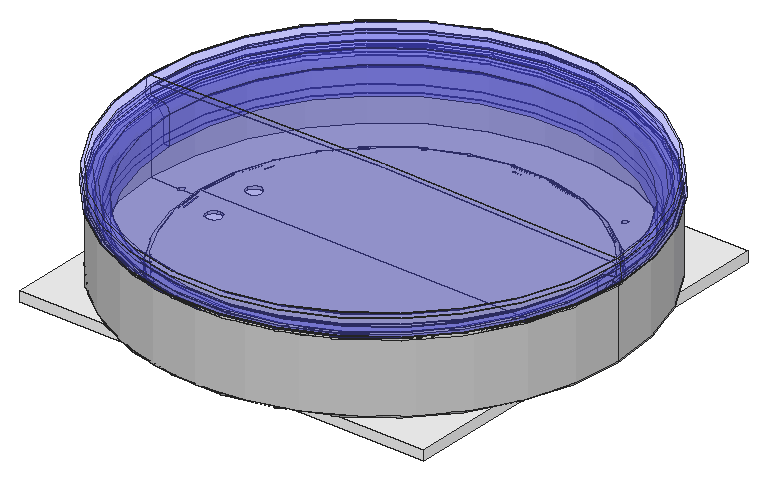
Revit family "BE_33640_de_DE", category Leuchten, Revit 2015
Parameters (values of type "BEGA_33640_Silber_K4")
  built-in parameter 1150104 = 11.112 (stored number, unit not read)
  Wattage = 52 W
  Default Elevation = 0 mm
  built-in parameter 1150113 = 1 (stored number, unit not read)
  built-in parameter 1114218 = 1 (stored number, unit not read)
  Umgebungstemperatur = ""
  URL = "http://www.bega.de/produkt/33640"
  Typenkommentare = "© 2015 BEGA. Wir behalten uns das Recht vor, technische Änderungen ohne vorherige Ankündigung vorzunehmen."  # constant formula
  Type Image = 33640.png
  built-in parameter 1150134 = 12
  built-in parameter 1150109 = 1 (stored number, unit not read)
  Strom = ""
  built-in parameter 1150110 = 1 (stored number, unit not read)
  Spannung = 0 V
  Sonderanfertigung = no
  Sockeltyp = ""
  Seriennummer [instance] = "Hier können Sie die eindeutige Seriennummer für das Facility Management eintragen."
  Schutzklasse = "I"
  Schutzart = "IP 64"
  Scheinlast = 0 VA
  Produktdatenblatt = "http://www.bega.de/download/datenblaetter/de/33640.pdf"
  Oberflächentemperatur = ""
  Neigungswinkel = 0.00°
  Modell = "33640AK4"
  Material_11 = BEGA_Glas_opal
  Material_02 = BEGA_Oberfläche_Silber_matt
  Material_01 [instance] = BEGA_Oberfläche_Grafit_matt
  M_W = no
  M_G = no
  M_A = yes
  Logo = 0
  built-in parameter 1114217 = 1 (stored number, unit not read)
  built-in parameter 1150139 = (empty or 0)
  built-in parameter 1150105 = 494.95 (stored number, unit not read)
  built-in parameter 1150114 = 1 (stored number, unit not read)
  Lumens = 6219.72 lm
  built-in parameter 1150115 = 1 (stored number, unit not read)
  Leuchtenlichtstrom = "3416 lm"
  Leuchtenanzahl = ""
  Lebensdauerkriterien = "L70 = 50.000 h"
  Lastklassifizierung = Beleuchtung
  built-in parameter 1150112 = 1 (stored number, unit not read)
  Lampenlichtstrom = "6220 lm"
  Lampe = "LED 52 W"
  LED_Modulbezeichnung = "2x LED-0459/840 "
  built-in parameter 1150142 = (empty or 0)
  Hersteller = "BEGA"  # constant formula
  Halbstreuwinkel = ""
  Gewicht = "6.4 kg"
  Gebrauchslageneinschränkung [instance] = ""
  Frequenz = "0/50-60 Hz"
  Farbwiedergabeindex = "Ra > 80"
  Farbtemperaturverschiebung bei Dämpfen der Lampe = <Keine Auswahl>
  Farbtemperatur = "4000 K"
  Color Filter = 16777215
  built-in parameter 1150133 = 10 (stored number, unit not read)
  Energieeffizienzklasse = "LED A++ - A"
  built-in parameter 1150137 = (empty or 0)
  built-in parameter 1150132 = (empty or 0)
  ENEC = ""
  Dimmbar [instance] = "1-10 V"
  Datei für fotometrisches Netz = "BE_33640K4.IES"
  CE_Konformität = "ja"
  Bestellnummer = "33640AK4"
  Beschreibung_Sonderanfertigung = "Hier können Sie Informationen zur Sonderanfertigung eintragen."
  Beschreibung = "Decken- und Wandleuchte"
  built-in parameter 1150106 = 4.9495 (stored number, unit not read)
  Befestigungsbohrung = "Ø 5,5 mm"
  Befestigungsabstand = ""
  BEGA_Intern_aus = yes
  BEGA_Intern_an = yes
  BEGA_Intern_Konstruktion = yes
  BEGA_Intern = yes
  BEGA_IES = yes
  BEGA_Dummy = no
  Anschlussleistung [instance] = "59 W"
  built-in parameter 1150107 = 4000 (stored number, unit not read)
  built-in parameter 1150102 = (empty or 0)
  built-in parameter 1150138 = (empty or 0)
  Aktualisierung = "2016-01-08T04:08:54"
  AC/DC = "AC/DC"
Types (5, lengths in mm): name | built-in parameter 1150104 | built-in parameter 1150134 | Modell | M_G | M_A | built-in parameter 1150105 | Lumens | Leuchtenlichtstrom | Lampenlichtstrom | LED_Modulbezeichnung | Farbtemperatur | Datei für fotometrisches Netz | Bestellnummer | built-in parameter 1150106 | built-in parameter 1150107
  (no name) | 11.112 (stored number, unit not read) | 12 | "33640AK4" | no | yes | 494.95 (stored number, unit not read) | 6219.72 lm | "3416 lm" | "6220 lm" | "2x LED-0459/840 " | "4000 K" | "BE_33640K4.IES" | "33640AK4" | 4.9495 (stored number, unit not read) | 4000 (stored number, unit not read)
  BEGA_33640_Grafit_K4 | 11.112 (stored number, unit not read) | 12 | "33640K4" | yes | no | 494.95 (stored number, unit not read) | 6219.72 lm | "3416 lm" | "6220 lm" | "2x LED-0459/840 " | "4000 K" | "BE_33640K4.IES" | "33640K4" | 4.9495 (stored number, unit not read) | 4000 (stored number, unit not read)
  BEGA_33640_Silber_K4 | 11.112 (stored number, unit not read) | 12 | "33640AK4" | no | yes | 494.95 (stored number, unit not read) | 6219.72 lm | "3416 lm" | "6220 lm" | "2x LED-0459/840 " | "4000 K" | "BE_33640K4.IES" | "33640AK4" | 4.9495 (stored number, unit not read) | 4000 (stored number, unit not read)
  BEGA_33640_Silber_K3 | 10.487 (stored number, unit not read) | (empty or 0) | "33640A" | no | yes | 467.1 (stored number, unit not read) | 5869.76 lm | "3224 lm" | "5870 lm" | "2x LED-0459/830 " | "3000 K" | "BE_33640.IES" | "33640A" | 4.671 (stored number, unit not read) | 3000 (stored number, unit not read)
  BEGA_33640_Grafit_K3 | 10.487 (stored number, unit not read) | (empty or 0) | "33640" | yes | no | 467.1 (stored number, unit not read) | 5869.76 lm | "3224 lm" | "5870 lm" | "2x LED-0459/830 " | "3000 K" | "BE_33640.IES" | "33640" | 4.671 (stored number, unit not read) | 3000 (stored number, unit not read)
Reference planes
  plane 1 "Mitte (Vorne/Hinten)": y = 0
  plane 2: z = 0
  plane 3 "Mitte (Links/Rechts)": x = 0
  plane 4 "Links": x = -234.934
  plane 5 "Rechts": x = 234.934
  plane 6 "Unten": y = -234.912
  plane 7 "Oben": y = 234.912
  plane 8 "Vorne": z = 95.199
Forms (mm)
  Extrusion 1, solid, material "BEGA_Platte_Weiss"
    sketch origin (0, -1119.2, 0) x (1, 0, 0) y (0, 1, 0)
      loop
        line (-200, 1319.2) -> (-200, 919.2) -> (200, 919.2) -> (200, 1319.2) -> (-200, 1319.2)
    from 0 to -10
  Extrusion 2, solid, material "BEGA_Dummy_matt", visible <- "BEGA_Dummy"
    sketch origin (77.149, -76.023, 0) x (1, 0, 0) y (0, 1, 0)
      loop
        circle (-77.149, 76.023) r 234.945
    from 0 to 95.199
Dimensions and locks
  plane 1 "Mitte (Vorne/Hinten)" to Extrusion 1 = 200 mm
  aligned and locked: plane 2 to Extrusion 1
  aligned and locked: level to Extrusion 1
Nested families
  nested 1: "BE_33640" at (0, 0, 0), type "BE_33640"
Connectors
  electrical at (0, 0, 0), driven by "Lastklassifizierung", driven by "Spannung", driven by "Scheinlast"
    settings: index 1, voltage 0 V, apparent load 0 VA, apparent load phase1 0 VA, apparent load phase2 0 VA, apparent load phase3 0 VA, power factor 1, load classification "Beleuchtung", number of poles 1, system type 31, power factor state 1, is connector primary yes, connector utility no, sub classification motor no, connector description ""
Definition of nested family "BE_33640"
  Parameters (values of type "BE_33640")
    Default Elevation = 1 mm
    URL = "http://www.bega.de/de/produkt"
    Type Comments = "© 2015 BEGA. Wir behalten uns das Recht vor, technische Änderungen ohne vorherige Ankündigung vorzunehmen. "  # constant formula
    Type Image = (empty or 0)
    Material_17 = none
    Material_15 = none
    Material_11 = none
    Material_09 = none
    Material_06 = none
    Material_02 = none
    Material_01 = none
    M_W = yes
    M_G = yes
    M_A = yes
    Länge_Platte = 200 mm  # constant formula
    Höhe_Platte = -10 mm  # constant formula
    Manufacturer = "BEGA"  # constant formula
    Breite_Platte = 200 mm  # constant formula
  Reference planes
    plane 1 "Mitte (Oben/Unten)": y = 0
    plane 2: z = 0
    plane 3 "Mitte (Links/Rechts)": x = 0
    plane 4 "Vorne": z = 95.199
    plane 5: x = 234.934
    plane 6: x = -234.934
    plane 7: y = 234.912
    plane 8: y = -234.912
  Forms (mm)
    Extrusion 1, solid, detail levels medium
      sketch origin (0, 0, 0) x (1, 0, 0) y (0, 1, 0)
        loop
          line (-100, 100) -> (-100, -100) -> (100, -100) -> (100, 100) -> (-100, 100)
      from 0 to -10 <- "Höhe_Platte"
    Revolve 2, solid, material <- "Material_01", visible <- "M_G", detail levels medium+fine
      sketch origin (0, 0, 0) x (1, 0, 0) y (0, 0, 1)
        loop
          line (-230.799, -0.001) -> (-186.009, -0.001)
          arc (-186.009, -0.001) -> (-184.831, 0.383) -> (-184.104, 1.388) r 2.001
          line (-184.104, 1.388) -> (-182.789, 5.317)
          arc (-182.789, 5.317) -> (-182.425, 5.811) -> (-181.842, 6) r 1
          line (-181.842, 6) -> (0, 6) -> (0, 8) -> (-181.128, 8)
          arc (-181.128, 8) -> (-183.457, 7.247) -> (-184.911, 5.278) r 4
          line (-184.911, 5.278) -> (-185.793, 2.642)
          arc (-185.793, 2.642) -> (-186.16, 2.176) -> (-186.726, 2) r 1
          line (-186.726, 2) -> (-230.8, 2) -> (-230.8, 69.012) -> (-226.195, 64.407) -> (-225.347, 65.256) -> (-229.698, 69.607)
          arc (-229.698, 69.607) -> (-230.135, 69.898) -> (-230.65, 70) r 1.35
          arc (-230.65, 70) -> (-231.616, 69.593) -> (-232, 68.618) r 1.35
          line (-232, 68.618) -> (-232, 1.203)
          arc (-232, 1.203) -> (-231.649, 0.352) -> (-230.799, -0.001) r 1.201
        axis (0, -0.001) -> (0, 70)
      angle from 0 to 360
    Revolve 3, solid, material <- "Material_11", detail levels medium+fine
      sketch origin (0, 0, 0) x (1, 0, 0) y (0, 0, 1)
        loop
          arc (-234.934, 72.895) -> (-234.431, 71.5) -> (-233.107, 70.834) r 2
          line (-233.107, 70.834) -> (-225.76, 70.192)
          arc (-225.76, 70.192) -> (-224.564, 69.798) -> (-223.669, 68.912) r 2.75
          line (-223.669, 68.912) -> (-217.5, 59.063) -> (-217.5, 43.371) -> (-217.5, 36) -> (-211.5, 36) -> (-211.5, 63.916)
          arc (-211.5, 63.916) -> (-214.093, 70.583) -> (-220.509, 73.748) r 9.869
          line (-220.509, 73.748) -> (-230.87, 74.654) -> (-230.635, 81.391)
          arc (-230.635, 81.391) -> (-228.874, 85.441) -> (-224.819, 87.19) r 6
          arc (-224.819, 87.19) -> (-112.416, 89.882) -> (0.011, 91.192) r 9144.857
          line (0.011, 91.192) -> (0.011, 95.19)
          arc (0.011, 95.19) -> (-115.73, 94.363) -> (-231.452, 92.072) r 9148.856
          arc (-231.452, 92.072) -> (-233.485, 91.203) -> (-234.369, 89.177) r 2.997
          line (-234.369, 89.177) -> (-234.934, 72.895)
        axis (0.011, 95.19) -> (0.011, 36)
      angle from 0 to 360
    Extrusion 4, void
      sketch origin (0, 0, 0) x (1, 0, 0) y (0, 1, 0)
        loop
          circle (-200, 0) r 2.75
        loop
          circle (100, 173.205) r 2.75
        loop
          circle (100, -173.205) r 2.75
        loop
          circle (-148, 25) r 7.5
        loop
          circle (-148, -25) r 7.5
      from 0 to 18.834
    Revolve 5, solid, material <- "Material_02", visible <- "M_A", detail levels medium+fine
      sketch origin (0, 0, 0) x (1, 0, 0) y (0, 0, 1)
        loop
          line (-230.799, -0.001) -> (-186.009, -0.001)
          arc (-186.009, -0.001) -> (-184.831, 0.383) -> (-184.104, 1.388) r 2.001
          line (-184.104, 1.388) -> (-182.789, 5.317)
          arc (-182.789, 5.317) -> (-182.425, 5.811) -> (-181.842, 6) r 1
          line (-181.842, 6) -> (0, 6) -> (0, 8) -> (-181.128, 8)
          arc (-181.128, 8) -> (-183.457, 7.247) -> (-184.911, 5.278) r 4
          line (-184.911, 5.278) -> (-185.793, 2.642)
          arc (-185.793, 2.642) -> (-186.16, 2.176) -> (-186.726, 2) r 1
          line (-186.726, 2) -> (-230.8, 2) -> (-230.8, 69.012) -> (-226.195, 64.407) -> (-225.347, 65.256) -> (-229.698, 69.607)
          arc (-229.698, 69.607) -> (-230.135, 69.898) -> (-230.65, 70) r 1.35
          arc (-230.65, 70) -> (-231.616, 69.593) -> (-232, 68.618) r 1.35
          line (-232, 68.618) -> (-232, 1.203)
          arc (-232, 1.203) -> (-231.649, 0.352) -> (-230.799, -0.001) r 1.201
        axis (0, -0.001) -> (0, 70)
      angle from 0 to 360
    Extrusion 6, void
      sketch origin (0, 0, 0) x (1, 0, 0) y (0, 1, 0)
        loop
          circle (-200, 0) r 2.75
        loop
          circle (100, 173.205) r 2.75
        loop
          circle (100, -173.205) r 2.75
        loop
          circle (-148, 25) r 7.5
        loop
          circle (-148, -25) r 7.5
      from 0 to 18.834
  Cuts and joins
    Extrusion 4, Extrusion 6 cuts Revolve 2
    Extrusion 4 cuts Revolve 3
    Extrusion 6 cuts Revolve 5
  Dimensions and locks
    equal spacing: Extrusion 1 sketch curve, plane 3 "Mitte (Links/Rechts)", Extrusion 1 sketch curve
    equal spacing: Extrusion 1 sketch curve, plane 1 "Mitte (Oben/Unten)", Extrusion 1 sketch curve
    "Länge_Platte": Extrusion 1 sketch curve to Extrusion 1 sketch curve
    "Breite_Platte": Extrusion 1 sketch curve to Extrusion 1 sketch curve
    aligned and locked: plane 2 to Extrusion 1
    aligned and locked: level to Extrusion 1
  Automatic sketch dimensions
    Revolve 2 sketch curve to Revolve 2 sketch curve = 0 mm  (x7)
    Revolve 2 sketch curve to plane 3 "Mitte (Links/Rechts)" = 0 mm  (x2)
    level to Revolve 2 sketch curve = 4 mm
    Revolve 2 sketch curve to Revolve 2 sketch curve = 0.008 mm
    Revolve 2 sketch curve to Revolve 2 sketch curve = 0.72 mm
    Revolve 2 sketch curve to Revolve 2 sketch curve = 0.002 mm
    level to Revolve 2 sketch curve = 1.388 mm
    Revolve 2 sketch curve to Revolve 2 sketch curve = 2.984 mm
    level to Revolve 2 sketch curve = 5.278 mm
    Revolve 2 sketch curve to Revolve 2 sketch curve = 3.07 mm
    level to Revolve 2 sketch curve = 2.642 mm
    Revolve 2 sketch curve to Revolve 2 sketch curve = 1.688 mm
    Revolve 2 sketch curve to level = 0.001 mm
    Revolve 2 sketch curve to Revolve 2 sketch curve = 1.905 mm
    Revolve 2 sketch curve to Revolve 2 sketch curve = 0.717 mm
    Revolve 2 sketch curve to Revolve 2 sketch curve = 0.849 mm  (x2)
    Revolve 2 sketch curve to Revolve 2 sketch curve = 4.351 mm
    Revolve 2 sketch curve to Revolve 2 sketch curve = 0.952 mm
    Revolve 2 sketch curve to Revolve 2 sketch curve = 0.15 mm  (x2)
    Revolve 2 sketch curve to Revolve 2 sketch curve = 1.201 mm
    level to Revolve 2 sketch curve = 1.2 mm
    Revolve 2 sketch curve to Revolve 2 sketch curve = 1 mm
    Revolve 2 sketch curve to Revolve 2 sketch curve = 2 mm
    Revolve 2 sketch curve to Revolve 2 sketch curve = 62.407 mm
    Revolve 2 sketch curve to Revolve 2 sketch curve = 4.21 mm
    Revolve 2 sketch curve to Revolve 2 sketch curve = 0.032 mm
    Revolve 2 sketch curve to Revolve 2 sketch curve = 0.362 mm
    Revolve 2 sketch curve to Revolve 2 sketch curve = 0.595 mm
    Revolve 2 sketch curve to Revolve 2 sketch curve = 0.948 mm
    level to Revolve 2 sketch curve = 5.317 mm
    Revolve 2 sketch curve to Revolve 2 sketch curve = 13 mm
    Revolve 3 sketch curve to Revolve 3 sketch curve = 0.564 mm
    Revolve 3 sketch curve to Revolve 3 sketch curve = 1.827 mm  (x2)
    Revolve 3 sketch curve to Revolve 3 sketch curve = 0.172 mm
    Revolve 3 sketch curve to Revolve 3 sketch curve = 2.995 mm
    Revolve 3 sketch curve to Revolve 3 sketch curve = 2.065 mm
    Revolve 3 sketch curve to Revolve 3 sketch curve = 0.235 mm
    Revolve 3 sketch curve to Revolve 3 sketch curve = 7.107 mm
    Revolve 3 sketch curve to Revolve 3 sketch curve = 5.997 mm
    Revolve 3 sketch curve to Revolve 3 sketch curve = 2.331 mm
    Revolve 3 sketch curve to Revolve 3 sketch curve = 2.3 mm
    Revolve 3 sketch curve to Revolve 3 sketch curve = 6 mm
    plane 3 "Mitte (Links/Rechts)" to Revolve 3 sketch curve = 0.011 mm
    plane 3 "Mitte (Links/Rechts)" to Revolve 3 sketch curve = 7.481 mm
    Revolve 3 sketch curve to Revolve 3 sketch curve = 42.864 mm
    Revolve 3 sketch curve to Revolve 3 sketch curve = 0.137 mm
    level to Revolve 3 sketch curve = 36 mm
    Revolve 3 sketch curve to Revolve 3 sketch curve = 7.371 mm
    Revolve 3 sketch curve to Revolve 3 sketch curve = 15.691 mm
    Revolve 3 sketch curve to Revolve 3 sketch curve = 4.853 mm  (x2)
    Revolve 3 sketch curve to Revolve 3 sketch curve = 3.537 mm
    Revolve 3 sketch curve to Revolve 3 sketch curve = 1.46 mm
    Revolve 3 sketch curve to Revolve 3 sketch curve = 3.382 mm
    Revolve 3 sketch curve to Revolve 3 sketch curve = 1.993 mm
    Revolve 3 sketch curve to Revolve 3 sketch curve = 6.538 mm
    Revolve 3 sketch curve to Revolve 3 sketch curve = 0.199 mm
    Revolve 3 sketch curve to Revolve 3 sketch curve = 7.685 mm
    Revolve 3 sketch curve to Revolve 3 sketch curve = 0.101 mm
    level to Revolve 3 sketch curve = 91.192 mm
    Revolve 3 sketch curve to Revolve 3 sketch curve = 3.998 mm
    Revolve 3 sketch curve to Revolve 3 sketch curve = 2.091 mm
    Revolve 3 sketch curve to Revolve 3 sketch curve = 0 mm  (x8)
    Revolve 3 sketch curve to Revolve 3 sketch curve = 0.181 mm
    Revolve 3 sketch curve to Revolve 3 sketch curve = 0.001 mm
    Revolve 3 sketch curve to Revolve 3 sketch curve = 3.16 mm
    Revolve 3 sketch curve to Revolve 3 sketch curve = 8.515 mm
    Extrusion 4 sketch curve to plane 1 "Mitte (Oben/Unten)" = 25 mm
    plane 1 "Mitte (Oben/Unten)" to Extrusion 4 sketch curve = 25 mm
    Extrusion 4 sketch curve to Extrusion 4 sketch curve = 0 mm
    Extrusion 4 sketch curve to plane 1 "Mitte (Oben/Unten)" = 0 mm
    Revolve 5 sketch curve to Revolve 5 sketch curve = 0 mm  (x7)
    Revolve 5 sketch curve to plane 3 "Mitte (Links/Rechts)" = 0 mm  (x2)
    level to Revolve 5 sketch curve = 4 mm
    Revolve 5 sketch curve to Revolve 5 sketch curve = 0.008 mm
    Revolve 5 sketch curve to Revolve 5 sketch curve = 0.72 mm
    Revolve 5 sketch curve to Revolve 5 sketch curve = 0.002 mm
    level to Revolve 5 sketch curve = 1.388 mm
    Revolve 5 sketch curve to Revolve 5 sketch curve = 2.984 mm
    level to Revolve 5 sketch curve = 5.278 mm
    Revolve 5 sketch curve to Revolve 5 sketch curve = 3.07 mm
    level to Revolve 5 sketch curve = 2.642 mm
    Revolve 5 sketch curve to Revolve 5 sketch curve = 1.688 mm
    Revolve 5 sketch curve to level = 0.001 mm
    Revolve 5 sketch curve to Revolve 5 sketch curve = 1.905 mm
    Revolve 5 sketch curve to Revolve 5 sketch curve = 0.717 mm
    Revolve 5 sketch curve to Revolve 5 sketch curve = 0.849 mm  (x2)
    Revolve 5 sketch curve to Revolve 5 sketch curve = 4.351 mm
    Revolve 5 sketch curve to Revolve 5 sketch curve = 0.952 mm
    Revolve 5 sketch curve to Revolve 5 sketch curve = 0.15 mm  (x2)
    Revolve 5 sketch curve to Revolve 5 sketch curve = 1.201 mm
    level to Revolve 5 sketch curve = 1.2 mm
    Revolve 5 sketch curve to Revolve 5 sketch curve = 1 mm
    Revolve 5 sketch curve to Revolve 5 sketch curve = 2 mm
    Revolve 5 sketch curve to Revolve 5 sketch curve = 62.407 mm
    Revolve 5 sketch curve to Revolve 5 sketch curve = 4.21 mm
    Revolve 5 sketch curve to Revolve 5 sketch curve = 0.032 mm
    Revolve 5 sketch curve to Revolve 5 sketch curve = 0.362 mm
    Revolve 5 sketch curve to Revolve 5 sketch curve = 0.595 mm
    Revolve 5 sketch curve to Revolve 5 sketch curve = 0.948 mm
    level to Revolve 5 sketch curve = 5.317 mm
    Revolve 5 sketch curve to Revolve 5 sketch curve = 13 mm
    Extrusion 6 sketch curve to plane 1 "Mitte (Oben/Unten)" = 25 mm
    plane 1 "Mitte (Oben/Unten)" to Extrusion 6 sketch curve = 25 mm
    Extrusion 6 sketch curve to Extrusion 6 sketch curve = 0 mm
    Extrusion 6 sketch curve to plane 1 "Mitte (Oben/Unten)" = 0 mm
    Revolve 3 sketch curve to level = 9053.527 mm
    plane 3 "Mitte (Links/Rechts)" to Extrusion 4 sketch curve = 100 mm  (x2)
    plane 3 "Mitte (Links/Rechts)" to Extrusion 6 sketch curve = 100 mm  (x2)
    Revolve 2 sketch curve to plane 3 "Mitte (Links/Rechts)" = 181.12 mm
    Revolve 2 sketch curve to Revolve 2 sketch curve = 40.436 mm
    Revolve 2 sketch curve to Revolve 2 sketch curve = 0.001 mm
    Revolve 3 sketch curve to plane 3 "Mitte (Links/Rechts)" = 211.5 mm
    Revolve 3 sketch curve to Revolve 3 sketch curve = 3.869 mm
    Extrusion 4 sketch curve to plane 3 "Mitte (Links/Rechts)" = 148 mm
    Extrusion 4 sketch curve to Extrusion 4 sketch curve = 52 mm
    Revolve 5 sketch curve to plane 3 "Mitte (Links/Rechts)" = 181.12 mm
    Revolve 5 sketch curve to Revolve 5 sketch curve = 40.436 mm
    Revolve 5 sketch curve to Revolve 5 sketch curve = 0.001 mm
    Extrusion 6 sketch curve to plane 3 "Mitte (Links/Rechts)" = 148 mm
    Extrusion 6 sketch curve to Extrusion 6 sketch curve = 52 mm
    plane 1 "Mitte (Oben/Unten)" to Extrusion 4 sketch curve = 173.205 mm
    plane 1 "Mitte (Oben/Unten)" to Extrusion 6 sketch curve = 173.205 mm
    Extrusion 4 sketch curve to plane 1 "Mitte (Oben/Unten)" = 173.205 mm
    Extrusion 6 sketch curve to plane 1 "Mitte (Oben/Unten)" = 173.205 mm
    radius of Extrusion 4 sketch curve = 2.75 mm  (x3)
    radius of Extrusion 4 sketch curve = 7.5 mm  (x2)
    radius of Extrusion 6 sketch curve = 2.75 mm  (x3)
    radius of Extrusion 6 sketch curve = 7.5 mm  (x2)
